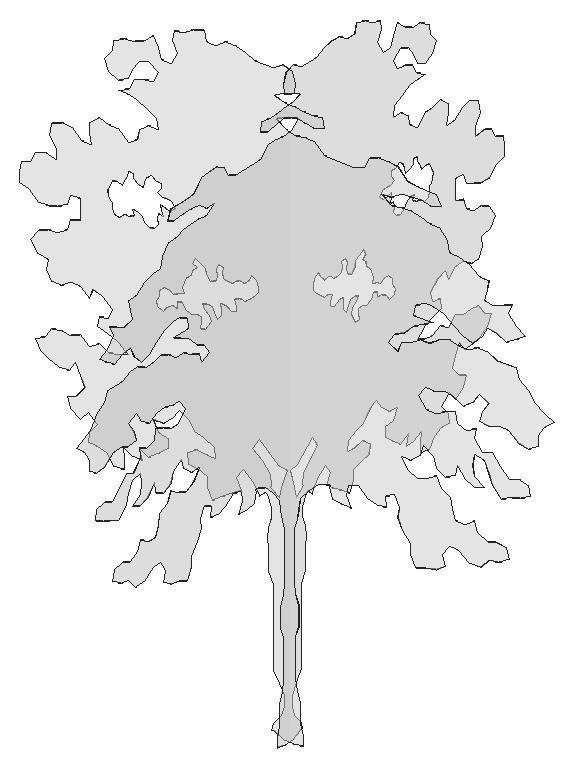
Revit family "987-Leopard tree", category Planting, Revit 9.0
Parameters
  Height = 6000 mm
  Material = Default 3
Reference planes
  plane 1 "Center (Front/Back)": y = 0
  plane 2: z = 0
  plane 3 "Center (Left/Right)": x = 0
Nested families
  nested 1: "Leopard Tree Nest Type B" at (0, 0, 0), type "Acer Rubrum - 9 Meters"
Definition of nested family "Leopard Tree Nest Type B"
  Parameters (values of type "Acer Rubrum - 9 Meters")
    Height = 9000 mm
    Type Comments = "Leopard Tree"
    Material = Default 3
    Assembly Code = ""
  Reference planes
    plane 1 "Center (Front/Back)": y = 0
    plane 2: z = 0
    plane 3: x = 0
    plane 4 "dwg plan": z = 1165.947
  Forms (mm)
    Extrusion 1, solid, material "Default 3" <- "Material"
      sketch origin (1, 8085.559, 300.451) x (0, -1, 0) y (0, 0, 1)
        loop
          line (7888.197, 7675.151) -> (7632.87, 7675.151) -> (7505.206, 7738.956) -> (7377.542, 7760.225) -> (7249.879, 7760.225) -> (7122.215, 7675.151) -> (6994.552, 7675.151) -> (6973.274, 7802.761) -> (6824.334, 7760.225) -> (6696.67, 7675.151) -> (6569.006, 7653.883) -> (6547.729, 7526.274) -> (6611.561, 7398.664) -> (6526.452, 7249.786) -> (6398.788, 7249.786) -> (6356.234, 7377.396) -> (6292.402, 7505.005) -> (6164.738, 7398.664) -> (6037.075, 7334.859) -> (5909.411, 7334.859) -> (5760.47, 7249.786) -> (5739.193, 7122.176) -> (5632.807, 6994.567) -> (5696.639, 6866.957) -> (5824.302, 6803.152) -> (5951.966, 6866.957) -> (6015.797, 6994.567) -> (6100.907, 7122.176) -> (6228.57, 7164.713) -> (6356.234, 7079.64) -> (6292.402, 6952.03) -> (6164.738, 6930.762) -> (6037.075, 6888.225) -> (5973.243, 6760.616) -> (5824.302, 6675.543) -> (5951.966, 6675.543) -> (6079.629, 6654.274) -> (6207.293, 6590.47) -> (6334.956, 6526.665) -> (6356.234, 6399.055) -> (6228.57, 6399.055) -> (6100.907, 6313.982) -> (6083.264, 6208.174) -> (6079.629, 6186.372) -> (5951.966, 6101.299) -> (5824.302, 6228.909) -> (5696.639, 6228.909) -> (5568.975, 6271.445) -> (5441.311, 6165.104) -> (5441.311, 6037.494) -> (5462.589, 5909.885) -> (5334.925, 5909.885) -> (5207.261, 6016.226) -> (5079.598, 6037.494) -> (4930.657, 5973.69) -> (4909.38, 5824.812) -> (4994.489, 5697.202) -> (4994.489, 5569.592) -> (4845.548, 5590.861) -> (4717.884, 5548.324) -> (4654.053, 5420.714) -> (4526.389, 5378.178) -> (4505.112, 5250.568) -> (4505.112, 5122.959) -> (4632.775, 5080.422) -> (4760.439, 4974.081) -> (4888.103, 4974.081) -> (5015.766, 5016.617) -> (5143.43, 5080.422) -> (5185.984, 5208.032) -> (5313.648, 5208.032) -> (5313.648, 4952.812) -> (5185.984, 4910.276) -> (5143.43, 4782.666) -> (5015.766, 4697.593) -> (4888.103, 4697.593) -> (4760.439, 4633.788) -> (4654.053, 4484.91) -> (4739.162, 4357.301) -> (4888.103, 4336.033) -> (4866.825, 4208.423) -> (4930.657, 4080.813) -> (5058.321, 4080.813) -> (5185.984, 4165.886) -> (5313.648, 4165.886) -> (5441.311, 4059.545) -> (5483.866, 4187.155) -> (5611.529, 4144.618) -> (5739.193, 4038.277) -> (5696.639, 3910.667) -> (5568.975, 3889.399) -> (5547.698, 3761.789) -> (5696.639, 3719.253) -> (5824.302, 3676.716) -> (5908.56, 3606.531) -> (5951.966, 3570.375) -> (5824.302, 3527.838) -> (5696.639, 3506.57) -> (5568.975, 3570.375) -> (5441.311, 3485.302) -> (5313.648, 3591.643) -> (5185.984, 3527.838) -> (5058.321, 3549.106) -> (4930.657, 3527.838) -> (4845.548, 3400.228) -> (4717.884, 3336.424) -> (4781.716, 3208.814) -> (4909.38, 3145.009) -> (5037.043, 3102.473) -> (5164.707, 3102.473) -> (5249.816, 3230.082) -> (5313.648, 3102.473) -> (5377.479, 2974.863) -> (5271.093, 2847.253) -> (5143.43, 2783.448) -> (5185.984, 2655.839) -> (5313.648, 2570.766) -> (5420.034, 2698.375) -> (5453.075, 2670.853) -> (5547.698, 2592.034) -> (5441.311, 2464.424) -> (5420.034, 2336.815) -> (5547.698, 2336.815) -> (5675.361, 2294.278) -> (5760.47, 2166.669) -> (5909.411, 2187.937) -> (5909.411, 2315.546) -> (5888.134, 2443.156) -> (6015.797, 2379.351) -> (6143.461, 2379.351) -> (6100.907, 2506.961) -> (6228.57, 2443.156) -> (6356.234, 2528.229) -> (6483.897, 2634.571) -> (6483.897, 2762.18) -> (6356.234, 2783.448) -> (6292.402, 2911.058) -> (6420.065, 2911.058) -> (6547.729, 3017.4) -> (6632.838, 3145.009) -> (6667.511, 3127.68) -> (6760.502, 3081.204) -> (6845.611, 2953.595) -> (6973.274, 2932.326) -> (7100.938, 2868.522) -> (7122.215, 2740.912) -> (6994.552, 2740.912) -> (6866.888, 2762.18) -> (6739.224, 2677.107) -> (6760.502, 2549.497) -> (6888.165, 2528.229) -> (7015.829, 2485.693) -> (7015.829, 2358.083) -> (7079.661, 2230.473) -> (7207.324, 2315.546) -> (7334.988, 2400.62) -> (7462.651, 2485.693) -> (7398.82, 2613.302) -> (7483.929, 2740.912) -> (7611.592, 2634.571) -> (7696.701, 2506.961) -> (7696.701, 2485.693) -> (7760.533, 2549.497) -> (7777.973, 2570.417) -> (7803.088, 2549.497) -> (7866.919, 2421.888) -> (7866.919, 2294.278) -> (7824.365, 2166.669) -> (7803.088, 2039.059) -> (7824.365, 1911.449) -> (7824.365, 1634.962) -> (7888.197, 1507.352) -> (7888.197, 486.475) -> (7973.306, 358.865) -> (8037.138, 231.256) -> (8037.138, 103.646) -> (7994.583, -23.964) -> (7888.197, -151.573) -> (7866.919, -236.646) -> (7909.474, -236.646) -> (8037.138, -300.451) -> (8164.801, -300.451) -> (8292.465, -279.183) -> (8292.465, -151.573) -> (8249.91, -23.964) -> (8249.91, 231.256) -> (8207.356, 358.865) -> (8186.078, 486.475) -> (8186.078, 996.913) -> (8228.633, 1124.523) -> (8228.633, 1379.742) -> (8186.078, 1507.352) -> (8164.801, 1634.962) -> (8164.801, 2273.01) -> (8207.356, 2400.62) -> (8228.633, 2528.229) -> (8249.91, 2655.839) -> (8356.297, 2783.448) -> (8483.96, 2911.058) -> (8611.624, 2953.595) -> (8651.519, 2960.241) -> (8632.901, 2932.326) -> (8675.455, 2804.717) -> (8803.119, 2783.448) -> (8930.783, 2783.448) -> (8866.951, 2911.058) -> (8888.228, 3038.668) -> (9015.892, 3081.204) -> (9143.555, 2974.863) -> (9271.219, 2932.326) -> (9398.882, 2953.595) -> (9377.605, 3081.204) -> (9505.269, 3145.009) -> (9569.101, 3017.4) -> (9547.823, 2889.79) -> (9611.655, 2762.18) -> (9718.041, 2634.571) -> (9718.041, 2506.961) -> (9781.873, 2379.351) -> (9930.814, 2421.888) -> (10058.478, 2443.156) -> (10186.141, 2528.229) -> (10143.587, 2655.839) -> (10228.696, 2783.448) -> (10356.359, 2783.448) -> (10505.3, 2677.107) -> (10654.241, 2677.107) -> (10760.627, 2804.717) -> (10888.291, 2825.985) -> (11037.232, 2911.058) -> (10994.677, 3038.668) -> (10867.014, 3059.936) -> (10739.35, 3017.4) -> (10611.687, 3081.204) -> (10569.132, 3208.814) -> (10441.468, 3123.741) -> (10313.805, 3123.741) -> (10271.25, 3251.351) -> (10249.973, 3378.96) -> (10122.309, 3442.765) -> (10058.478, 3570.375) -> (9930.814, 3485.302) -> (9803.151, 3442.765) -> (9675.487, 3506.57) -> (9590.378, 3634.179) -> (9718.041, 3634.179) -> (9845.705, 3740.521) -> (9888.26, 3868.13) -> (10015.923, 3783.057) -> (10058.478, 3655.448) -> (10186.141, 3591.643) -> (10313.805, 3655.448) -> (10335.082, 3783.057) -> (10441.468, 3655.448) -> (10569.132, 3612.911) -> (10696.796, 3655.448) -> (10569.132, 3740.521) -> (10547.855, 3868.13) -> (10569.132, 3995.74) -> (10696.796, 3974.472) -> (10760.627, 3846.862) -> (10803.182, 3719.253) -> (10930.846, 3591.643) -> (11058.509, 3655.448) -> (11186.173, 3697.984) -> (11313.836, 3761.789) -> (11292.559, 3889.399) -> (11164.895, 3910.667) -> (11037.232, 3868.13) -> (10909.568, 3974.472) -> (10803.182, 4102.081) -> (10675.518, 4059.545) -> (10569.132, 4187.155) -> (10590.409, 4314.764) -> (10462.746, 4250.959) -> (10335.082, 4293.496) -> (10313.805, 4421.106) -> (10186.141, 4378.569) -> (10058.478, 4314.764) -> (9930.814, 4314.764) -> (9824.428, 4442.374) -> (9909.537, 4569.983) -> (10037.2, 4569.983) -> (10164.864, 4612.52) -> (10292.528, 4591.252) -> (10420.191, 4527.447) -> (10547.855, 4612.52) -> (10632.964, 4740.13) -> (10760.627, 4676.325) -> (10675.518, 4548.715) -> (10632.964, 4421.106) -> (10760.627, 4399.837) -> (10888.291, 4442.374) -> (11015.955, 4442.374) -> (11164.895, 4336.033) -> (11292.559, 4314.764) -> (11420.223, 4399.837) -> (11420.223, 4527.447) -> (11505.332, 4655.057) -> (11632.995, 4761.398) -> (11505.332, 4825.203) -> (11377.668, 4889.008) -> (11292.559, 5016.617) -> (11164.895, 5101.69) -> (11122.341, 5229.3) -> (10867.014, 5229.3) -> (10739.35, 5293.105) -> (10611.687, 5293.105) -> (10484.023, 5229.3) -> (10356.359, 5229.3) -> (10228.696, 5250.568) -> (10101.032, 5208.032) -> (9973.369, 5122.959) -> (9845.705, 5122.959) -> (9718.041, 5037.886) -> (9590.378, 4995.349) -> (9547.823, 4867.739) -> (9420.16, 4931.544) -> (9505.269, 5059.154) -> (9632.932, 5122.959) -> (9760.596, 5250.568) -> (9888.26, 5314.373) -> (10015.923, 5378.178) -> (9760.596, 5378.178) -> (9781.873, 5505.788) -> (9909.537, 5569.592) -> (10037.2, 5569.592) -> (10164.864, 5527.056) -> (10292.528, 5441.983) -> (10420.191, 5356.91) -> (10547.855, 5314.373) -> (10675.518, 5441.983) -> (10739.35, 5569.592) -> (10867.014, 5548.324) -> (10994.677, 5484.519) -> (11122.341, 5569.592) -> (11250.004, 5654.665) -> (11122.341, 5718.47) -> (11015.955, 5846.08) -> (11079.786, 5973.69) -> (10952.123, 5909.885) -> (10824.459, 5867.348) -> (10696.796, 5888.616) -> (10739.35, 6016.226) -> (10760.627, 6143.836) -> (10632.964, 6143.836) -> (10505.3, 6250.177) -> (10356.359, 6292.714) -> (10228.696, 6292.714) -> (10207.419, 6420.323) -> (10203.744, 6424.731) -> (10101.032, 6547.933) -> (9973.369, 6547.933) -> (9845.705, 6590.47) -> (9718.041, 6611.738) -> (9590.378, 6611.738) -> (9462.714, 6590.47) -> (9335.051, 6675.543) -> (9462.714, 6675.543) -> (9590.378, 6760.616) -> (9739.319, 6781.884) -> (9866.982, 6781.884) -> (9994.646, 6760.616) -> (10122.309, 6803.152) -> (10058.478, 6930.762) -> (9803.151, 6930.762) -> (9675.487, 6952.03) -> (9547.823, 7079.64) -> (9420.16, 7100.908) -> (9292.496, 7100.908) -> (9164.833, 7037.103) -> (9101.001, 6909.494) -> (8973.337, 6866.957) -> (8569.069, 6866.957) -> (8441.406, 6994.567) -> (8313.742, 6994.567) -> (8186.078, 6973.298) -> (8058.415, 6994.567) -> (7930.751, 7079.64) -> (8058.415, 7143.445) -> (8186.078, 7185.981) -> (8313.742, 7164.713) -> (8441.406, 7143.445) -> (8569.069, 7185.981) -> (8547.792, 7313.591) -> (8420.128, 7292.323) -> (8292.465, 7292.323) -> (8164.801, 7313.591) -> (8037.138, 7313.591) -> (7909.474, 7356.127) -> (8037.138, 7419.932) -> (8164.801, 7462.469) -> (8186.078, 7590.078) -> (8143.524, 7717.688) -> (8015.86, 7760.225) -> (7888.197, 7675.151)
        loop
          line (5749.205, 5315.282) -> (5749.205, 5249.774) -> (5775.419, 5184.266) -> (5840.955, 5171.164) -> (5906.491, 5223.571) -> (5972.027, 5223.571) -> (6037.563, 5262.876) -> (6011.348, 5328.384) -> (6076.884, 5328.384) -> (6142.42, 5289.079) -> (6168.634, 5223.571) -> (6234.17, 5184.266) -> (6299.706, 5197.368) -> (6352.135, 5262.876) -> (6339.027, 5328.384) -> (6352.135, 5393.892) -> (6417.67, 5380.79) -> (6391.456, 5446.298) -> (6378.349, 5511.807) -> (6456.992, 5498.705) -> (6522.528, 5485.603) -> (6588.064, 5538.01) -> (6535.635, 5603.518) -> (6470.099, 5616.62) -> (6404.563, 5603.518) -> (6339.027, 5642.823) -> (6391.456, 5708.331) -> (6391.456, 5773.839) -> (6325.92, 5773.839) -> (6260.384, 5813.144) -> (6194.849, 5773.839) -> (6168.634, 5708.331) -> (6155.527, 5642.823) -> (6089.991, 5655.925) -> (6024.455, 5695.229) -> (6024.455, 5760.738) -> (5958.92, 5760.738) -> (5945.813, 5695.229) -> (5906.491, 5629.721) -> (5880.277, 5564.213) -> (5814.741, 5590.416) -> (5749.205, 5577.315) -> (5722.991, 5511.807) -> (5683.669, 5446.298) -> (5696.776, 5380.79) -> (5722.991, 5328.384) -> (5749.205, 5315.282)
        loop
          line (6417.67, 4254.05) -> (6470.099, 4319.559) -> (6548.742, 4371.965) -> (6614.278, 4358.863) -> (6614.278, 4437.473) -> (6679.814, 4450.575) -> (6719.135, 4385.067) -> (6797.778, 4345.762) -> (6863.314, 4371.965) -> (6928.85, 4371.965) -> (6928.85, 4306.457) -> (6915.743, 4227.847) -> (6981.279, 4227.847) -> (7020.6, 4293.355) -> (7059.922, 4358.863) -> (7033.707, 4424.372) -> (6968.171, 4463.676) -> (6941.957, 4529.185) -> (7007.493, 4542.286) -> (7073.029, 4542.286) -> (7099.243, 4476.778) -> (7138.565, 4411.27) -> (7190.993, 4476.778) -> (7190.993, 4542.286) -> (7177.886, 4607.794) -> (7256.529, 4620.896) -> (7335.172, 4568.489) -> (7400.708, 4594.693) -> (7400.708, 4660.201) -> (7374.494, 4725.709) -> (7440.029, 4765.014) -> (7472.797, 4758.463) -> (7505.565, 4751.912) -> (7571.101, 4804.319) -> (7636.637, 4856.725) -> (7689.066, 4922.233) -> (7689.066, 4987.742) -> (7662.851, 5053.25) -> (7597.315, 5092.555) -> (7571.101, 5027.046) -> (7505.565, 4961.538) -> (7440.029, 4974.64) -> (7387.601, 4948.437) -> (7348.279, 4909.132) -> (7282.743, 4909.132) -> (7217.208, 4922.233) -> (7204.1, 4987.742) -> (7217.208, 5053.25) -> (7151.672, 5066.351) -> (7125.457, 5000.843) -> (7138.565, 4935.335) -> (7125.457, 4869.827) -> (7046.814, 4830.522) -> (6994.386, 4896.03) -> (6981.279, 4961.538) -> (6915.743, 5000.843) -> (6850.207, 5040.148) -> (6810.885, 4961.538) -> (6876.421, 4935.335) -> (6810.885, 4882.929) -> (6797.778, 4817.42) -> (6732.242, 4765.014) -> (6679.814, 4633.998) -> (6706.028, 4568.489) -> (6627.385, 4542.286) -> (6561.849, 4502.981) -> (6496.313, 4542.286) -> (6430.778, 4542.286) -> (6365.242, 4476.778) -> (6365.242, 4411.27) -> (6325.92, 4345.762) -> (6339.027, 4280.254) -> (6417.67, 4254.05)
        loop
          line (7866.919, 2677.107) -> (7847.922, 2654.32) -> (7973.306, 2570.766) -> (7994.583, 2698.375) -> (8037.138, 2825.985) -> (8072.973, 2933.446) -> (7952.028, 2953.595) -> (7696.701, 3166.277) -> (7611.592, 3038.668) -> (7739.256, 2932.326) -> (7845.642, 2804.717) -> (7866.919, 2677.107)
      from 0 to 1
    Extrusion 2, solid, material "Default 3"
      sketch origin (-8085.559, -1, 285.158) x (1, 0, 0) y (0, 0, -1)
        loop
          line (7872.786, -7689.303) -> (8000.449, -7774.376) -> (8128.113, -7731.84) -> (8170.668, -7604.23) -> (8149.39, -7476.62) -> (8021.727, -7434.084) -> (7894.063, -7370.279) -> (8021.727, -7327.742) -> (8149.39, -7327.742) -> (8277.054, -7306.474) -> (8404.718, -7306.474) -> (8532.381, -7327.742) -> (8553.658, -7200.133) -> (8425.995, -7157.596) -> (8298.331, -7178.865) -> (8170.668, -7200.133) -> (8043.004, -7157.596) -> (7915.34, -7093.792) -> (8043.004, -7008.718) -> (8170.668, -6987.45) -> (8298.331, -7008.718) -> (8425.995, -7008.718) -> (8553.658, -6881.109) -> (8957.926, -6881.109) -> (9085.59, -6923.645) -> (9149.422, -7051.255) -> (9277.085, -7115.06) -> (9404.749, -7115.06) -> (9532.412, -7093.792) -> (9660.076, -6966.182) -> (9787.74, -6944.914) -> (10043.067, -6944.914) -> (10106.899, -6817.304) -> (9979.235, -6774.767) -> (9851.571, -6796.036) -> (9723.908, -6796.036) -> (9574.967, -6774.767) -> (9447.303, -6689.694) -> (9319.64, -6689.694) -> (9447.303, -6604.621) -> (9574.967, -6625.889) -> (9702.631, -6625.889) -> (9830.294, -6604.621) -> (9957.958, -6562.085) -> (10085.621, -6562.085) -> (10188.333, -6438.883) -> (10192.008, -6434.475) -> (10213.285, -6306.865) -> (10340.949, -6306.865) -> (10489.889, -6264.329) -> (10617.553, -6157.987) -> (10745.217, -6157.987) -> (10723.939, -6030.378) -> (10681.385, -5902.768) -> (10809.048, -5881.5) -> (10936.712, -5924.036) -> (11064.376, -5987.841) -> (11000.544, -5860.232) -> (11106.93, -5732.622) -> (11234.594, -5668.817) -> (11106.93, -5583.744) -> (10979.266, -5498.671) -> (10851.603, -5562.476) -> (10723.939, -5583.744) -> (10660.108, -5456.134) -> (10532.444, -5328.525) -> (10404.78, -5371.061) -> (10277.117, -5456.134) -> (10149.453, -5541.207) -> (10021.79, -5583.744) -> (9894.126, -5583.744) -> (9766.462, -5519.939) -> (9745.185, -5392.33) -> (10000.512, -5392.33) -> (9872.849, -5328.525) -> (9745.185, -5264.72) -> (9617.522, -5137.11) -> (9489.858, -5073.305) -> (9404.749, -4945.696) -> (9532.412, -4881.891) -> (9574.967, -5009.501) -> (9702.631, -5052.037) -> (9830.294, -5137.11) -> (9957.958, -5137.11) -> (10085.621, -5222.183) -> (10213.285, -5264.72) -> (10340.949, -5243.452) -> (10468.612, -5243.452) -> (10596.276, -5307.257) -> (10723.939, -5307.257) -> (10851.603, -5243.452) -> (11106.93, -5243.452) -> (11149.485, -5115.842) -> (11277.148, -5030.769) -> (11362.257, -4903.159) -> (11489.921, -4839.354) -> (11617.584, -4775.55) -> (11489.921, -4669.208) -> (11404.812, -4541.599) -> (11404.812, -4413.989) -> (11277.148, -4328.916) -> (11149.485, -4350.184) -> (11000.544, -4456.526) -> (10872.88, -4456.526) -> (10745.217, -4413.989) -> (10617.553, -4435.257) -> (10660.108, -4562.867) -> (10745.217, -4690.477) -> (10617.553, -4754.281) -> (10532.444, -4626.672) -> (10404.78, -4541.599) -> (10277.117, -4605.403) -> (10149.453, -4626.672) -> (10021.79, -4584.135) -> (9894.126, -4584.135) -> (9809.017, -4456.526) -> (9915.403, -4328.916) -> (10043.067, -4328.916) -> (10170.73, -4392.721) -> (10298.394, -4435.257) -> (10319.671, -4307.648) -> (10447.335, -4265.111) -> (10574.998, -4328.916) -> (10553.721, -4201.306) -> (10660.108, -4073.697) -> (10787.771, -4116.233) -> (10894.157, -3988.624) -> (11021.821, -3882.282) -> (11149.485, -3924.819) -> (11277.148, -3903.55) -> (11298.425, -3775.941) -> (11170.762, -3712.136) -> (11043.098, -3669.599) -> (10915.435, -3605.795) -> (10787.771, -3733.404) -> (10745.217, -3861.014) -> (10681.385, -3988.624) -> (10553.721, -4009.892) -> (10532.444, -3882.282) -> (10553.721, -3754.672) -> (10681.385, -3669.599) -> (10553.721, -3627.063) -> (10426.058, -3669.599) -> (10319.671, -3797.209) -> (10298.394, -3669.599) -> (10170.73, -3605.795) -> (10043.067, -3669.599) -> (10000.512, -3797.209) -> (9872.849, -3882.282) -> (9830.294, -3754.672) -> (9702.631, -3648.331) -> (9574.967, -3648.331) -> (9660.076, -3520.721) -> (9787.74, -3456.917) -> (9915.403, -3499.453) -> (10043.067, -3584.526) -> (10106.899, -3456.917) -> (10234.562, -3393.112) -> (10255.839, -3265.502) -> (10298.394, -3137.893) -> (10426.058, -3137.893) -> (10553.721, -3222.966) -> (10596.276, -3095.356) -> (10723.939, -3031.551) -> (10851.603, -3074.088) -> (10979.266, -3052.819) -> (11021.821, -2925.21) -> (10872.88, -2840.137) -> (10745.217, -2818.868) -> (10638.83, -2691.259) -> (10489.889, -2691.259) -> (10340.949, -2797.6) -> (10213.285, -2797.6) -> (10128.176, -2669.991) -> (10170.73, -2542.381) -> (10043.067, -2457.308) -> (9915.403, -2436.039) -> (9766.462, -2393.503) -> (9702.631, -2521.113) -> (9702.631, -2648.722) -> (9596.244, -2776.332) -> (9532.412, -2903.942) -> (9553.69, -3031.551) -> (9489.858, -3159.161) -> (9362.194, -3095.356) -> (9383.472, -2967.746) -> (9255.808, -2946.478) -> (9128.145, -2989.015) -> (9000.481, -3095.356) -> (8872.817, -3052.819) -> (8851.54, -2925.21) -> (8915.372, -2797.6) -> (8787.708, -2797.6) -> (8660.045, -2818.868) -> (8617.49, -2946.478) -> (8636.108, -2974.393) -> (8596.213, -2967.746) -> (8468.549, -2925.21) -> (8340.886, -2797.6) -> (8234.499, -2669.991) -> (8213.222, -2542.381) -> (8191.945, -2414.771) -> (8149.39, -2287.162) -> (8149.39, -1649.113) -> (8170.668, -1521.504) -> (8213.222, -1393.894) -> (8213.222, -1138.675) -> (8170.668, -1011.065) -> (8170.668, -500.627) -> (8191.945, -373.017) -> (8234.499, -245.407) -> (8234.499, 9.812) -> (8277.054, 137.422) -> (8277.054, 265.031) -> (8149.39, 286.3) -> (8021.727, 286.3) -> (7894.063, 222.495) -> (7851.509, 222.495) -> (7872.786, 137.422) -> (7979.172, 9.812) -> (8021.727, -117.798) -> (8021.727, -245.407) -> (7957.895, -373.017) -> (7872.786, -500.627) -> (7872.786, -1521.504) -> (7808.954, -1649.113) -> (7808.954, -1925.601) -> (7787.677, -2053.211) -> (7808.954, -2180.82) -> (7851.509, -2308.43) -> (7851.509, -2436.039) -> (7787.677, -2563.649) -> (7762.563, -2584.569) -> (7745.122, -2563.649) -> (7681.291, -2499.844) -> (7681.291, -2521.113) -> (7596.181, -2648.722) -> (7468.518, -2755.064) -> (7383.409, -2627.454) -> (7447.241, -2499.844) -> (7319.577, -2414.771) -> (7191.913, -2329.698) -> (7064.25, -2244.625) -> (7000.418, -2372.235) -> (7000.418, -2499.844) -> (6872.754, -2542.381) -> (6745.091, -2563.649) -> (6723.814, -2691.259) -> (6851.477, -2776.332) -> (6979.141, -2755.064) -> (7106.804, -2755.064) -> (7085.527, -2882.673) -> (6957.864, -2946.478) -> (6830.2, -2967.746) -> (6745.091, -3095.356) -> (6652.1, -3141.832) -> (6617.427, -3159.161) -> (6532.318, -3031.551) -> (6404.655, -2925.21) -> (6276.991, -2925.21) -> (6340.823, -2797.6) -> (6468.486, -2776.332) -> (6468.486, -2648.722) -> (6340.823, -2542.381) -> (6213.159, -2457.308) -> (6085.496, -2521.113) -> (6128.05, -2393.503) -> (6000.387, -2393.503) -> (5872.723, -2457.308) -> (5894, -2329.698) -> (5894, -2202.089) -> (5745.06, -2180.82) -> (5659.95, -2308.43) -> (5532.287, -2350.966) -> (5404.623, -2350.966) -> (5425.9, -2478.576) -> (5532.287, -2606.186) -> (5437.665, -2685.004) -> (5404.623, -2712.527) -> (5298.237, -2584.917) -> (5170.573, -2669.991) -> (5128.019, -2797.6) -> (5255.682, -2861.405) -> (5362.069, -2989.015) -> (5298.237, -3116.624) -> (5234.405, -3244.234) -> (5149.296, -3116.624) -> (5021.633, -3116.624) -> (4893.969, -3159.161) -> (4766.305, -3222.966) -> (4702.473, -3350.575) -> (4830.137, -3414.38) -> (4915.246, -3541.99) -> (5042.91, -3563.258) -> (5170.573, -3541.99) -> (5298.237, -3605.795) -> (5425.9, -3499.453) -> (5553.564, -3584.526) -> (5681.228, -3520.721) -> (5808.891, -3541.99) -> (5936.555, -3584.526) -> (5893.149, -3620.683) -> (5808.891, -3690.868) -> (5681.228, -3733.404) -> (5532.287, -3775.941) -> (5553.564, -3903.55) -> (5681.228, -3924.819) -> (5723.782, -4052.428) -> (5596.119, -4158.77) -> (5468.455, -4201.306) -> (5425.9, -4073.697) -> (5298.237, -4180.038) -> (5170.573, -4180.038) -> (5042.91, -4094.965) -> (4915.246, -4094.965) -> (4851.414, -4222.575) -> (4872.692, -4350.184) -> (4723.751, -4371.452) -> (4638.642, -4499.062) -> (4745.028, -4647.94) -> (4872.692, -4711.745) -> (5000.355, -4711.745) -> (5128.019, -4796.818) -> (5170.573, -4924.428) -> (5298.237, -4966.964) -> (5298.237, -5222.183) -> (5170.573, -5222.183) -> (5128.019, -5094.574) -> (5000.355, -5030.769) -> (4872.692, -4988.232) -> (4745.028, -4988.232) -> (4617.364, -5094.574) -> (4489.701, -5137.11) -> (4489.701, -5264.72) -> (4510.978, -5392.33) -> (4638.642, -5434.866) -> (4702.473, -5562.476) -> (4830.137, -5605.012) -> (4979.078, -5583.744) -> (4979.078, -5711.354) -> (4893.969, -5838.963) -> (4915.246, -5987.841) -> (5064.187, -6051.646) -> (5191.851, -6030.378) -> (5319.514, -5924.036) -> (5447.178, -5924.036) -> (5425.9, -6051.646) -> (5425.9, -6179.256) -> (5553.564, -6285.597) -> (5681.228, -6243.061) -> (5808.891, -6243.061) -> (5936.555, -6115.451) -> (6064.218, -6200.524) -> (6067.854, -6222.325) -> (6085.496, -6328.134) -> (6213.159, -6413.207) -> (6340.823, -6413.207) -> (6319.546, -6540.816) -> (6191.882, -6604.621) -> (6064.218, -6668.426) -> (5936.555, -6689.694) -> (5808.891, -6689.694) -> (5957.832, -6774.767) -> (6021.664, -6902.377) -> (6149.327, -6944.914) -> (6276.991, -6966.182) -> (6340.823, -7093.792) -> (6213.159, -7178.865) -> (6085.496, -7136.328) -> (6000.387, -7008.718) -> (5936.555, -6881.109) -> (5808.891, -6817.304) -> (5681.228, -6881.109) -> (5617.396, -7008.718) -> (5723.782, -7136.328) -> (5745.06, -7263.938) -> (5894, -7349.011) -> (6021.664, -7349.011) -> (6149.327, -7412.816) -> (6276.991, -7519.157) -> (6340.823, -7391.547) -> (6383.377, -7263.938) -> (6511.041, -7263.938) -> (6596.15, -7412.816) -> (6532.318, -7540.425) -> (6553.596, -7668.035) -> (6681.259, -7689.303) -> (6808.923, -7774.376) -> (6957.864, -7816.913) -> (6979.141, -7689.303) -> (7106.804, -7689.303) -> (7234.468, -7774.376) -> (7362.132, -7774.376) -> (7489.795, -7753.108) -> (7617.459, -7689.303) -> (7872.786, -7689.303)
        loop
          line (5733.794, -5329.434) -> (5707.58, -5342.536) -> (5681.366, -5394.942) -> (5668.258, -5460.45) -> (5707.58, -5525.958) -> (5733.794, -5591.466) -> (5799.33, -5604.568) -> (5864.866, -5578.365) -> (5891.08, -5643.873) -> (5930.402, -5709.381) -> (5943.509, -5774.889) -> (6009.045, -5774.889) -> (6009.045, -5709.381) -> (6074.58, -5670.076) -> (6140.116, -5656.975) -> (6153.223, -5722.483) -> (6179.438, -5787.991) -> (6244.974, -5827.296) -> (6310.509, -5787.991) -> (6376.045, -5787.991) -> (6376.045, -5722.483) -> (6323.617, -5656.975) -> (6389.152, -5617.67) -> (6454.688, -5630.771) -> (6520.224, -5617.67) -> (6572.653, -5552.162) -> (6507.117, -5499.755) -> (6441.581, -5512.857) -> (6362.938, -5525.958) -> (6376.045, -5460.45) -> (6402.26, -5394.942) -> (6336.724, -5408.044) -> (6323.617, -5342.536) -> (6336.724, -5277.027) -> (6284.295, -5211.519) -> (6218.759, -5198.418) -> (6153.223, -5237.723) -> (6127.009, -5303.231) -> (6061.473, -5342.536) -> (5995.937, -5342.536) -> (6022.152, -5277.027) -> (5956.616, -5237.723) -> (5891.08, -5237.723) -> (5825.544, -5185.316) -> (5760.008, -5198.418) -> (5733.794, -5263.926) -> (5733.794, -5329.434)
        loop
          line (6402.26, -4268.202) -> (6323.617, -4294.405) -> (6310.509, -4359.913) -> (6349.831, -4425.422) -> (6349.831, -4490.93) -> (6415.367, -4556.438) -> (6480.903, -4556.438) -> (6546.438, -4517.133) -> (6611.974, -4556.438) -> (6690.617, -4582.641) -> (6664.403, -4648.149) -> (6716.832, -4779.166) -> (6782.367, -4831.572) -> (6795.475, -4897.08) -> (6861.01, -4949.487) -> (6795.475, -4975.69) -> (6834.796, -5054.3) -> (6900.332, -5014.995) -> (6965.868, -4975.69) -> (6978.975, -4910.182) -> (7031.404, -4844.674) -> (7110.047, -4883.979) -> (7123.154, -4949.487) -> (7110.047, -5014.995) -> (7136.261, -5080.503) -> (7201.797, -5067.401) -> (7188.69, -5001.893) -> (7201.797, -4936.385) -> (7267.333, -4923.283) -> (7332.868, -4923.283) -> (7372.19, -4962.588) -> (7424.619, -4988.792) -> (7490.154, -4975.69) -> (7555.69, -5041.198) -> (7581.905, -5106.706) -> (7647.44, -5067.401) -> (7673.655, -5001.893) -> (7673.655, -4936.385) -> (7621.226, -4870.877) -> (7555.69, -4818.47) -> (7490.154, -4766.064) -> (7457.386, -4772.615) -> (7424.619, -4779.166) -> (7359.083, -4739.861) -> (7385.297, -4674.353) -> (7385.297, -4608.844) -> (7319.761, -4582.641) -> (7241.118, -4635.048) -> (7162.475, -4621.946) -> (7175.582, -4556.438) -> (7175.582, -4490.93) -> (7123.154, -4425.422) -> (7083.832, -4490.93) -> (7057.618, -4556.438) -> (6992.082, -4556.438) -> (6926.546, -4543.336) -> (6952.761, -4477.828) -> (7018.296, -4438.523) -> (7044.511, -4373.015) -> (7005.189, -4307.507) -> (6965.868, -4241.999) -> (6900.332, -4241.999) -> (6913.439, -4320.609) -> (6913.439, -4386.117) -> (6847.903, -4386.117) -> (6782.367, -4359.913) -> (6703.724, -4399.218) -> (6664.403, -4464.727) -> (6598.867, -4451.625) -> (6598.867, -4373.015) -> (6533.331, -4386.117) -> (6454.688, -4333.71) -> (6402.26, -4268.202)
        loop
          line (7851.509, -2691.259) -> (7830.231, -2818.868) -> (7723.845, -2946.478) -> (7596.181, -3052.819) -> (7681.291, -3180.429) -> (7936.618, -2967.746) -> (8057.562, -2947.597) -> (8021.727, -2840.137) -> (7979.172, -2712.527) -> (7957.895, -2584.917) -> (7832.511, -2668.471) -> (7851.509, -2691.259)
      from 0 to 1
  Lines and regions (mm)
    model lines
      curve 1: line (0, 165.506, 0) -> (0, 250.359, 0)
      curve 2: line (0, 250.359, 0) -> (42.426, 207.932, 0)
      curve 3: line (0, 250.359, 0) -> (-42.426, 207.932, 0)
